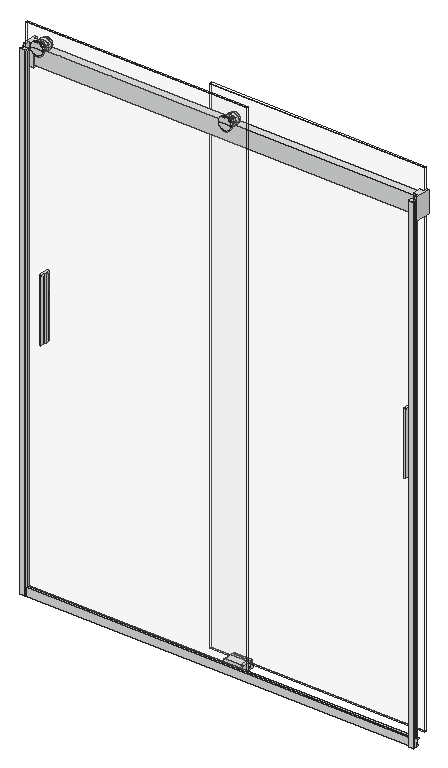
Revit family "Shower-Shower_Door-KOHLER-Levity-K-706012_1", category Specialty Equipment, host Face, Revit 2017
Family settings
  Host = Face
  Round Connector Dimension = Use Diameter
  Part Type = Normal
  OmniClass Number = 23.31.17.17
  OmniClass Title = Shower Enclosures
  Cut with Voids When Loaded = No
  Shared = No
  Room Calculation Point = No
Parameters (values of type "SHP-Bright Polished Silver")
  Width [instance] = 56 5/8"
  WaterSense Certified = 1 = 0  # no
  URL = "https://www.us.kohler.com/us/"
  Type = 1
  Product Page URL = "http://www.us.kohler.com/us/catalog/productDetails.jsp?productId=706012-L"
  Product Name = "Levity"  # constant formula
  Product Documentation Link = "https://www.us.kohler.com/webassets/kpna/catalog/pdf/en/K-706012-L_spec_US-CA_Kohler_en.pdf"
  Model = if(Type = 1, "K-706012-L-SHP", if(Type = 2, "K-706012-L-NX", if(Type = 3, "K-706012-L-ABV", if(Type = 4, "K-706012-L-ABZ", if(Type = 5, "K-706012-L-BL", "NA")))))  # "K-706012-L-SHP"
  Material = "Premium Metal Construction"  # constant formula
  Master Format 2014 Name = "Toilet, Bath, and Laundry Accessories"  # constant formula
  Master Format 2014 = "10 28 00"  # constant formula
  Manufacturer Address = "444 Highland Dr, Kohler, WI 53044"  # constant formula
  Manufacturer = "KOHLER Co."  # constant formula
  Length = 2 15/16"  # constant formula
  Height = 74"  # constant formula
  Glass Finish = Kohler-Glass-L-Crystal_Clear
  Finish = Kohler-Metal-SHP-Bright_Polished_Silver
  Environmental Product Declaration = ""
  Description = "Sliding shower door, 74 inch H x 56-5/8 - 59-5/8 inch W, with 3/8 inch thick Crystal Clear glass"  # constant formula
  Default Elevation = 0"
  Declare Label = ""
  Date Modified = "08/17/2020"  # constant formula
  Date Created = "08/17/2020"  # constant formula
  Copyright = "Copyright KOHLER Co."  # constant formula
  Contact Us = "https://www.us.kohler.com/us/static/contact.jsp"
  Assembly Code = "C1030200"
  ADA Compliant = 1 = 0  # no
Reference planes (in)
  plane 1 "Center (Front/Back)": y = 0
  plane 2: z = 0
  plane 3 "Center (Left/Right)": x = 0
  plane 4: x = -26.5625
  plane 5: x = 30.0625
  plane 6: z = 74
  plane 7: z = 1.044
  plane 8: x = -25.79269
  plane 9: x = 29.2948
  plane 10: x = -23.74258
  plane 11: x = 27.27105
  plane 12: y = 3.0625
  plane 13: z = 37.5
  plane 14: y = 3.3562
  plane 15: y = 2.8556
  plane 16: y = 2.4746
  plane 17: y = 1.04575
  plane 18: y = 0.66475
  plane 19: z = 67.919
  plane 20: z = 70.77666
  plane 21: z = 70.465
  plane 22: y = 2.9375
  plane 23: x = 5.5
Dimensions and locks (in)
  "Width": plane 5 to plane 4
  "Height": plane 6 to level
  locked: plane 9 to plane 5 at 0.7677
  locked: plane 11 to plane 5 at 2.79145
  locked: plane 15 to plane 16 at 0.381
  plane 19 to plane 7 = 66 7/8"
  plane 12 to plane 1 "Center (Front/Back)" = 3 1/16"
  "Length": plane 22 to plane 1 "Center (Front/Back)"
  locked: plane 14 to plane 1 "Center (Front/Back)" at 3.3562
  aligned and locked: plane 2 to host face
  aligned and locked: level to host face
Automatic sketch dimensions
  host sketch curve to host sketch curve = 96"  (x2)
Nested families (in)
  nested 1: "K-706012" at (-2.23544, 0, 0), Width <- "Width", type "K-706012"
    with Width 56 5/8"
Definition of nested family "K-706012"
  Parameters (values of type "K-706012")
    Width [instance] = 56 5/8"
    Material = none
    Glass Material = none
  Reference planes (in)
    plane 1 "Center (Front/Back)": y = 0
    plane 2: z = 0
    plane 3 "Center (Left/Right)": x = 0
    plane 4: z = 33
    plane 5: z = 42
    plane 6: x = -24.32706
    plane 7: x = 32.29794
    plane 8: z = 1.044
    plane 9: x = 2.23544
    plane 10: x = 30.64043
    plane 11: x = 7.73544
    plane 12: z = 74
    plane 13: z = 67.919
    plane 14: y = 3.3556
    plane 15: y = 2.9375
  Forms (in)
    Extrusion 1, solid, material <- "Glass Material"
      sketch origin (0, 0, 0) x (1, 0, 0) y (0, 1, 0)
        loop
          line (31.98, 2.8556) -> (0.97894, 2.8556) -> (0.97894, 2.4746) -> (31.98, 2.4746) -> (31.98, 2.8556)
        loop
          line (-24.007, 1.04575) -> (-24.007, 0.66475) -> (7.73544, 0.66475) -> (7.73544, 1.04575) -> (-24.007, 1.04575)
      from 0.74732 to 73.56432
    Extrusion 2, solid, material <- "Material", detail levels medium+fine
      sketch origin (0, 0, 0) x (1, 0, 0) y (0, 1, 0)
        loop
          line (-23.55724, 0.10857) -> (-23.55724, 0.53029)
          arc (-23.55724, 0.53029) -> (-23.58912, 0.60584) -> (-23.66547, 0.63572) r 0.10547
          line (-23.66547, 0.63572) -> (-24.32706, 0.6184) -> (-24.32706, 0.52355) -> (-24.126, 0.52355) -> (-24.126, 0.11355) -> (-24.32706, 0.11355) -> (-24.32706, 0.01871) -> (-23.66722, 0.00143)
          arc (-23.66722, 0.00143) -> (-23.58963, 0.0318) -> (-23.55724, 0.10857) r 0.10717
        loop
          arc (31.53024, 0.10788) -> (31.56263, 0.03111) -> (31.64022, 0.00074) r 0.10717
          line (31.64022, 0.00074) -> (32.29794, 0.01796) -> (32.29794, 0.11355) -> (32.099, 0.11355) -> (32.099, 0.52355) -> (32.29794, 0.52355) -> (32.29794, 0.61915) -> (31.63847, 0.63642)
          arc (31.63847, 0.63642) -> (31.56212, 0.60653) -> (31.53024, 0.53098) r 0.10547
          line (31.53024, 0.53098) -> (31.53024, 0.10788)
      from 0 to 70.323
    Extrusion 3, solid, material <- "Material", detail levels medium+fine
      sketch origin (0, 0, 0) x (0, 1, 0) y (0, 0, 1)
        loop
          line (0.16355, 1.044) -> (0.16355, 0) -> (0.78372, 0)
          arc (0.78372, 0) -> (0.79845, 0.0061) -> (0.80455, 0.02083) r 0.02083
          line (0.80455, 0.02083) -> (0.80455, 0.05813)
          arc (0.80455, 0.05813) -> (0.79873, 0.07218) -> (0.78468, 0.078) r 0.01987
          line (0.78468, 0.078) -> (0.47338, 0.078) -> (0.5153, 0.919) -> (0.85187, 0.919)
          arc (0.85187, 0.919) -> (0.87187, 0.93899) -> (0.85187, 0.95899) r 0.01999
          line (0.85187, 0.95899) -> (0.51729, 0.95899) -> (0.51912, 0.99563)
          arc (0.51912, 0.99563) -> (0.50648, 1.02968) -> (0.4731, 1.044) r 0.04608
          line (0.4731, 1.044) -> (0.16355, 1.044)
      from -24.007 to 32.29794
    Extrusion 4, solid, material <- "Material", detail levels medium+fine
      sketch origin (0, 0, 0) x (0, 1, 0) y (0, 0, 1)
        loop
          line (0.46949, 0) -> (3.10721, 0) -> (3.05135, 1.066) -> (2.87582, 1.066) -> (2.85966, 0.14) -> (2.42988, 0.14) -> (2.38135, 1.066) -> (1.40908, 1.066) -> (1.36055, 0.14) -> (0.93077, 0.14) -> (0.91768, 0.89) -> (0.51385, 0.89) -> (0.46949, 0)
      from 3.78322 to 6.74201
    Extrusion 5, void
      sketch origin (0, 0, 0) x (1, 0, 0) y (0, 0, 1)
        loop
          line (6.62394, 0) -> (6.60963, 0.82036)
          arc (6.60963, 0.82036) -> (6.53489, 0.99431) -> (6.35966, 1.066) r 0.25
          line (6.35966, 1.066) -> (4.13823, 1.066)
          arc (4.13823, 1.066) -> (3.963, 0.99431) -> (3.88826, 0.82036) r 0.25
          line (3.88826, 0.82036) -> (3.87394, 0) -> (6.62394, 0)
        loop
          line (6.89972, 1.37342) -> (3.64972, 1.37342) -> (3.64972, -0.23052) -> (6.89972, -0.23052) -> (6.89972, 1.37342)
      from -3.5793 to 0.7427
    Extrusion 6, solid, material <- "Material", detail levels medium+fine
      sketch origin (0, 0, 0) x (0, 1, 0) y (0, 0, 1)
        loop
          line (1.29143, 67.919) -> (2.22943, 67.919) -> (2.22943, 70.465) -> (1.29143, 70.465) -> (1.29143, 67.919)
      from -23.337 to 31.31
    Extrusion 7, solid, material <- "Material", detail levels medium+fine
      sketch origin (0, 0, 0) x (1, 0, 0) y (0, 1, 0)
        loop
          line (32.29794, 0.66591) -> (32.29794, 2.71495) -> (31.98, 2.7094) -> (31.98, 2.33897) -> (31.31, 2.32727) -> (31.31, 1.20359) -> (31.98, 1.19189) -> (31.98, 0.67146) -> (32.29794, 0.66591)
        loop
          line (-24.007, 2.71486) -> (-24.326, 2.72043) -> (-24.326, 0.67043) -> (-24.007, 0.676) -> (-24.007, 1.19643) -> (-23.337, 1.20812) -> (-23.337, 2.33273) -> (-24.007, 2.34443) -> (-24.007, 2.71486)
      from 67.63775 to 70.74625
    Extrusion 8, solid, material <- "Material"
      sketch origin (0, 0, 0) x (1, 0, 0) y (0, 1, 0)
        loop
          arc (29.69389, 2.4327) -> (29.6892, 2.44794) -> (29.6747, 2.4546) r 0.01952
          line (29.6747, 2.4546) -> (29.6747, 2.8756)
          arc (29.6747, 2.8756) -> (29.6892, 2.88213) -> (29.69391, 2.89731) r 0.01935
          line (29.69391, 2.89731) -> (29.63852, 3.34842)
          arc (29.63852, 3.34842) -> (29.62831, 3.36783) -> (29.6078, 3.3756) r 0.03095
          line (29.6078, 3.3756) -> (29.40427, 3.3756)
          arc (29.40427, 3.3756) -> (29.38457, 3.36813) -> (29.37477, 3.34949) r 0.02973
          line (29.37477, 3.34949) -> (29.31936, 2.89828)
          arc (29.31936, 2.89828) -> (29.32429, 2.88242) -> (29.33943, 2.8756) r 0.02022
          line (29.33943, 2.8756) -> (29.33943, 2.45448)
          arc (29.33943, 2.45448) -> (29.3243, 2.44917) -> (29.31911, 2.43401) r 0.01835
          line (29.31911, 2.43401) -> (29.37502, 1.97861)
          arc (29.37502, 1.97861) -> (29.38404, 1.96146) -> (29.40216, 1.9546) r 0.02734
          line (29.40216, 1.9546) -> (29.61099, 1.9546)
          arc (29.61099, 1.9546) -> (29.62911, 1.96146) -> (29.63813, 1.97861) r 0.02734
          line (29.63813, 1.97861) -> (29.69389, 2.4327)
        loop
          arc (-21.31969, 0.62285) -> (-21.32438, 0.63809) -> (-21.33888, 0.64475) r 0.01952
          line (-21.33888, 0.64475) -> (-21.33888, 1.06575)
          arc (-21.33888, 1.06575) -> (-21.32438, 1.07228) -> (-21.31967, 1.08746) r 0.01935
          line (-21.31967, 1.08746) -> (-21.37506, 1.53857)
          arc (-21.37506, 1.53857) -> (-21.38527, 1.55798) -> (-21.40578, 1.56575) r 0.03095
          line (-21.40578, 1.56575) -> (-21.60931, 1.56575)
          arc (-21.60931, 1.56575) -> (-21.62901, 1.55828) -> (-21.63881, 1.53964) r 0.02973
          line (-21.63881, 1.53964) -> (-21.69422, 1.08843)
          arc (-21.69422, 1.08843) -> (-21.68929, 1.07257) -> (-21.67415, 1.06575) r 0.02022
          line (-21.67415, 1.06575) -> (-21.67415, 0.64463)
          arc (-21.67415, 0.64463) -> (-21.68928, 0.63932) -> (-21.69447, 0.62416) r 0.01835
          line (-21.69447, 0.62416) -> (-21.63856, 0.16876)
          arc (-21.63856, 0.16876) -> (-21.62953, 0.15161) -> (-21.61142, 0.14475) r 0.02734
          line (-21.61142, 0.14475) -> (-21.40199, 0.14475)
          arc (-21.40199, 0.14475) -> (-21.38432, 0.15144) -> (-21.37552, 0.16817) r 0.02667
          line (-21.37552, 0.16817) -> (-21.31969, 0.62285)
      from 33 to 42
    Extrusion 9, solid, material <- "Material", detail levels coarse
      sketch origin (0, 0, 0) x (0, 1, 0) y (0, 0, 1)
        loop
          line (0.16355, 1.044) -> (0.16355, 0) -> (0.80455, 0) -> (0.80455, 1.044) -> (0.16355, 1.044)
      from -24.007 to 32.29794
    Extrusion 10, solid, material <- "Material", detail levels coarse
      sketch origin (0, 0, 0) x (1, 0, 0) y (0, 1, 0)
        loop
          line (-23.55724, 0) -> (-23.55724, 0.63572) -> (-24.32706, 0.63572) -> (-24.32706, 0) -> (-23.55724, 0)
        loop
          line (31.53024, 0.00074) -> (32.29794, 0.00074) -> (32.29794, 0.63642) -> (31.53024, 0.63642) -> (31.53024, 0.00074)
      from 0 to 70.465
    Extrusion 11, solid, material <- "Material", detail levels coarse
      sketch origin (0, 0, 0) x (0, 1, 0) y (0, 0, 1)
        loop
          line (1.29143, 67.919) -> (2.22943, 67.919) -> (2.22943, 70.465) -> (1.29143, 70.465) -> (1.29143, 67.919)
      from -24.32706 to 32.29794
    Extrusion 12, solid, material <- "Material", detail levels coarse
      sketch origin (0, 0, 0) x (1, 0, 0) y (0, 1, 0)
        loop
          line (32.29794, 0.66591) -> (32.29794, 2.71495) -> (31.31, 2.71495) -> (31.31, 0.66591) -> (32.29794, 0.66591)
        loop
          line (-23.337, 0.67043) -> (-23.337, 2.72043) -> (-24.326, 2.72043) -> (-24.326, 0.67043) -> (-23.337, 0.67043)
      from 67.63775 to 70.74625
    Revolve 13, solid, material <- "Material"
      sketch origin (0, 0, 70.95017) x (1, 0, 0) y (0, 1, 0)
        loop
          line (-21.797, 1.77965) -> (-21.282, 1.77965) -> (-21.28492, 2.03539)
          arc (-21.28492, 2.03539) -> (-21.30032, 2.07167) -> (-21.33677, 2.08665) r 0.05185
          line (-21.33677, 2.08665) -> (-22.007, 2.08665) -> (-22.007, 0.16475) -> (-21.10985, 0.16475) -> (-21.06969, 0.2049) -> (-21.06969, 0.33159) -> (-21.10985, 0.37175) -> (-21.35052, 0.37175) -> (-21.35052, 0.66475) -> (-21.46163, 0.66475) -> (-21.46163, 1.04575) -> (-21.29375, 1.04575) -> (-21.29375, 1.24575) -> (-21.46163, 1.24575) -> (-21.46163, 1.37143) -> (-21.26167, 1.37143)
          arc (-21.26167, 1.37143) -> (-21.19655, 1.55905) -> (-21.26167, 1.74667) r 0.30285
          line (-21.26167, 1.74667) -> (-21.797, 1.74667) -> (-21.797, 1.77965)
        axis (-22.007, 2.08665) -> (-22.007, 0.16475)
      angle from 0 to 360
    Revolve 14, solid, material <- "Material"
      sketch origin (6.50004, 0, 68.64385) x (1, 0, 0) y (0, 1, 0)
        loop
          line (-2.85881, 3.1486) -> (-2.62285, 3.1486) -> (-2.58265, 3.1888) -> (-2.58265, 3.3154) -> (-2.62285, 3.3556) -> (-3.52, 3.3556) -> (-3.52, 2.22943) -> (-2.9654, 2.22943) -> (-2.9654, 2.2746) -> (-2.80675, 2.2746) -> (-2.80675, 2.4746) -> (-2.85881, 2.4746) -> (-2.85881, 3.1486)
        axis (-3.52, 3.3556) -> (-3.52, 2.22943)
      angle from 0 to 360
    Revolve 15, solid, material <- "Material"
      sketch origin (27.00004, 0, 70.77666) x (1, 0, 0) y (0, 1, 0)
        loop
          line (-21.797, 1.77965) -> (-21.282, 1.77965) -> (-21.28492, 2.03539)
          arc (-21.28492, 2.03539) -> (-21.30032, 2.07167) -> (-21.33677, 2.08665) r 0.05185
          line (-21.33677, 2.08665) -> (-22.007, 2.08665) -> (-22.007, 0.16475) -> (-21.10985, 0.16475) -> (-21.06969, 0.2049) -> (-21.06969, 0.33159) -> (-21.10985, 0.37175) -> (-21.35052, 0.37175) -> (-21.35052, 0.66475) -> (-21.46163, 0.66475) -> (-21.46163, 1.04575) -> (-21.29375, 1.04575) -> (-21.29375, 1.24575) -> (-21.46163, 1.24575) -> (-21.46163, 1.37143) -> (-21.26167, 1.37143)
          arc (-21.26167, 1.37143) -> (-21.19655, 1.55905) -> (-21.26167, 1.74667) r 0.30285
          line (-21.26167, 1.74667) -> (-21.797, 1.74667) -> (-21.797, 1.77965)
        axis (-22.007, 2.08665) -> (-22.007, 0.16475)
      angle from 0 to 360
    Revolve 16, solid, material <- "Material"
      sketch origin (21.47266, 0, 68.64453) x (1, 0, 0) y (0, 1, 0)
        loop
          line (9.16777, 3.1486) -> (9.42311, 3.1486) -> (9.44393, 3.17833) -> (9.44393, 3.32967) -> (9.418, 3.3556) -> (8.50658, 3.3556) -> (8.50658, 2.22943) -> (9.21983, 2.22943) -> (9.21983, 2.4746) -> (9.16777, 2.4746) -> (9.16777, 3.1486)
        axis (8.50658, 3.3556) -> (8.50658, 2.22943)
      angle from 0 to 360
  Cuts and joins
    joined: Extrusion 2, Extrusion 6, Extrusion 7
    Extrusion 5 cuts Extrusion 4
    joined: Extrusion 3, Extrusion 4
    joined: Extrusion 9, Extrusion 10, Extrusion 11, Extrusion 12
  Lines and regions (in)
    Masking region 1
      outline origin (0, 0, 0) x (1, 0, 0) y (0, 0, 1)
        loop
          line (-24.32706, 0) -> (32.29794, 0) -> (32.29794, 70.465) -> (31.98, 70.465) -> (31.98, 74) -> (-24.007, 74) -> (-24.007, 70.465) -> (-24.32706, 70.465) -> (-24.32706, 0)
    Masking region 2
      outline origin (0, 0, 0) x (0, 1, 0) y (0, 0, 1)
        loop
          line (3.10721, 0) -> (3.05135, 1.066) -> (2.87582, 1.066) -> (2.85966, 0.14) -> (2.42988, 0.14) -> (2.38135, 1.066) -> (1.40908, 1.066) -> (1.36055, 0.14) -> (0.93077, 0.14) -> (0.92017, 0.74732) -> (1.04575, 0.74732) -> (1.04575, 33) -> (1.56575, 33) -> (1.56575, 42) -> (1.04575, 42) -> (1.04575, 67.63775) -> (2.4746, 67.63775) -> (2.4746, 42) -> (1.9546, 42) -> (1.9546, 33) -> (2.4746, 33) -> (2.4746, 0.74732) -> (2.8556, 0.74732) -> (2.8556, 33) -> (3.3756, 33) -> (3.3756, 42) -> (2.8556, 42) -> (2.8556, 67.97943) -> (3.1486, 67.97943) -> (3.1486, 67.74348) -> (3.1888, 67.70327) -> (3.3154, 67.70327) -> (3.3556, 67.74348) -> (3.3556, 69.53777) -> (3.3154, 69.57798) -> (3.1888, 69.57798) -> (3.1486, 69.53777) -> (3.1486, 69.30182) -> (2.8556, 69.30182) -> (2.8556, 74) -> (2.4746, 74) -> (2.4746, 70.74625) -> (2.08659, 70.74625) -> (2.08659, 71.61533)
          arc (2.08659, 71.61533) -> (2.07161, 71.65178) -> (2.03533, 71.66718) r 0.05185
          line (2.03533, 71.66718) -> (1.77959, 71.6701) -> (1.77959, 71.1551) -> (1.74661, 71.1551) -> (1.74661, 71.69043)
          arc (1.74661, 71.69043) -> (1.55899, 71.75555) -> (1.37137, 71.69043) r 0.30285
          line (1.37137, 71.69043) -> (1.37137, 71.49047) -> (1.24569, 71.49047) -> (1.24569, 71.65836) -> (1.04575, 71.65836) -> (1.04575, 74) -> (0.66475, 74) -> (0.66475, 71.60158) -> (0.37169, 71.60158) -> (0.37169, 71.84225) -> (0.33153, 71.88241) -> (0.20484, 71.88241) -> (0.16469, 71.84225) -> (0.16469, 70.323) -> (0, 70.323) -> (0, 0) -> (3.10721, 0)
        loop
          line (0.66475, 70.1325) -> (0.63645, 70.11617) -> (0.63645, 0.97841) -> (0.66475, 0.96522) -> (0.66475, 70.1325)
    Masking region 3
      outline origin (0, 0, 0) x (1, 0, 0) y (0, 1, 0)
        loop
          line (-24.32706, 0.01871) -> (-23.66722, 0.00143)
          arc (-23.66722, 0.00143) -> (-23.58963, 0.0318) -> (-23.55724, 0.10857) r 0.10717
          line (-23.55724, 0.10857) -> (-23.55724, 0.16355) -> (31.53024, 0.16355) -> (31.53024, 0.10788)
          arc (31.53024, 0.10788) -> (31.56263, 0.03111) -> (31.64022, 0.00074) r 0.10717
          line (31.64022, 0.00074) -> (32.29794, 0.01796) -> (32.29794, 0.11355) -> (32.099, 0.11355) -> (32.099, 0.16355) -> (32.29794, 0.16355) -> (32.29794, 2.71495) -> (31.98, 2.7094) -> (31.98, 2.8556) -> (30.66864, 2.8556) -> (30.66864, 3.1486) -> (30.92311, 3.1486) -> (30.94393, 3.17833) -> (30.94393, 3.32967) -> (30.918, 3.3556) -> (29.09516, 3.3556) -> (29.06923, 3.32967) -> (29.06923, 3.17833) -> (29.09005, 3.1486) -> (29.34511, 3.1486) -> (29.34511, 2.8556) -> (6.625, 2.8556) -> (6.625, 3.10721) -> (3.875, 3.10721) -> (3.875, 2.8556) -> (3.64119, 2.8556) -> (3.64119, 3.1486) -> (3.87715, 3.1486) -> (3.91735, 3.1888) -> (3.91735, 3.3154) -> (3.87715, 3.3556) -> (2.08285, 3.3556) -> (2.04265, 3.3154) -> (2.04265, 3.1888) -> (2.08285, 3.1486) -> (2.31881, 3.1486) -> (2.31881, 2.8556) -> (0.98, 2.8556) -> (0.98, 2.4746) -> (2.26675, 2.4746) -> (2.26675, 2.2746) -> (2.42977, 2.2746) -> (2.42977, 2.22943) -> (-23.337, 2.22943) -> (-23.337, 2.33273) -> (-24.007, 2.34443) -> (-24.007, 2.71486) -> (-24.32706, 2.72045) -> (-24.32706, 0.67041) -> (-24.007, 0.676) -> (-24.007, 0.62678) -> (-24.32706, 0.6184) -> (-24.32706, 0.52355) -> (-24.126, 0.52355) -> (-24.126, 0.11355) -> (-24.32706, 0.11355) -> (-24.32706, 0.01871)
        loop
          line (-24.007, 1.19643) -> (-24.007, 1.04575) -> (-22.72025, 1.04575) -> (-22.72025, 1.24575) -> (-22.55257, 1.24575) -> (-22.55257, 1.29143) -> (-23.337, 1.29143) -> (-23.337, 1.20812) -> (-24.007, 1.19643)
        loop
          line (31.31, 2.22943) -> (31.31, 2.32727) -> (31.98, 2.33897) -> (31.98, 2.4746) -> (30.71983, 2.4746) -> (30.71983, 2.22943) -> (31.31, 2.22943)
        loop
          line (7.73544, 1.04575) -> (7.73544, 0.87188) -> (31.98, 0.87188) -> (31.98, 1.19189) -> (31.31, 1.20359) -> (31.31, 1.29143) -> (6.6215, 1.29143) -> (6.6215, 1.04575) -> (7.73544, 1.04575)
        loop
          line (-21.34471, 1.29143) -> (-21.3391, 1.24575) -> (-21.29375, 1.24575) -> (-21.29375, 1.04575) -> (3.875, 1.04575) -> (3.875, 1.29143) -> (-21.34471, 1.29143)
        loop
          line (29.30265, 2.22943) -> (29.30265, 2.4746) -> (6.625, 2.4746) -> (6.625, 2.22943) -> (29.30265, 2.22943)
        loop
          line (3.69325, 2.2746) -> (3.53388, 2.2746) -> (3.53388, 2.22943) -> (3.875, 2.22943) -> (3.875, 2.4746) -> (3.69325, 2.4746) -> (3.69325, 2.2746)
    symbolic lines, detail levels medium+fine
      curve 1: line (-23.55724, 0, 0) -> (-23.55724, 0, 70.465)
      curve 2: line (-23.55724, 0, 70.465) -> (-24.007, 0, 70.465)
      curve 3: line (31.53024, 0, 1.044) -> (-23.55724, 0, 1.044)
      curve 4: line (31.53024, 0, 67.63775) -> (31.53024, 0, 0)
      curve 5: line (7.73544, 0, 1.044) -> (7.73544, 0, 74)
      curve 6: line (0, 0.52355, 70.323) -> (0, 0.52355, 0)
      curve 7: line (0, 0.11355, 0) -> (0, 0.11355, 70.323)
      curve 8: line (0, 0.78468, 0.078) -> (0, 0.52355, 0.078)
      curve 9: line (0, 0.80455, 0.02083) -> (0, 0.80455, 0.05813)
      curve 10: arc (0, 0.80455, 0.05813) -> (0, 0.79873, 0.07218) -> (0, 0.78468, 0.078) r 0.01987
      curve 11: arc (0, 0.78372, 0) -> (0, 0.79845, 0.0061) -> (0, 0.80455, 0.02083) r 0.02083
      curve 12: line (0, 0.85187, 0.95899) -> (0, 0.52355, 0.95899)
      curve 13: arc (0, 0.85187, 0.919) -> (0, 0.87187, 0.93899) -> (0, 0.85187, 0.95899) r 0.01999
      curve 14: line (0, 0.52355, 0.919) -> (0, 0.85187, 0.919)
      curve 15: line (0, 0.66475, 0.74732) -> (0, 0.92017, 0.74732)
      curve 16: line (0, 0.66475, 0.9756) -> (0, 0.66475, 0.95899)
      curve 17: line (0, 0.66475, 0.919) -> (0, 0.66475, 0.74732)
      curve 18: line (0, 0.63645, 0.97841) -> (0, 0.63645, 0.95899)
      curve 19: line (0, 0.63645, 0.919) -> (0, 0.63645, 0.078)
      curve 20: line (0, 2.8556, 33) -> (0, 2.8556, 42)
      curve 21: line (0, 2.8756, 33) -> (0, 2.8756, 42)
      curve 22: line (0, 2.4746, 42) -> (0, 2.4746, 33)
      curve 23: line (0, 2.4546, 42) -> (0, 2.4546, 33)
      curve 24: line (0, 1.04575, 33) -> (0, 1.04575, 67.63775)
      curve 25: line (0, 0.66475, 70.74625) -> (0, 0.66475, 33)
      curve 26: line (0, 1.06575, 33) -> (0, 1.06575, 42)
      curve 27: line (0, 0.63645, 70.323) -> (0, 0.16469, 70.323)
      curve 28: line (0, 2.72043, 70.74625) -> (0, 0.66475, 70.74625)
      curve 29: line (0, 2.72043, 67.63775) -> (0, 2.72043, 70.74625)
      curve 30: line (0, 0.66475, 67.63775) -> (0, 2.72043, 67.63775)
      curve 31: line (0, 1.77965, 71.17875) -> (0, 1.77965, 70.74625)
      curve 32: line (0, 1.74661, 71.17854) -> (0, 1.74661, 70.74625)
      curve 33: line (0, 1.37137, 71.51391) -> (0, 1.37137, 70.74625)
      curve 34: line (0, 1.24575, 71.51412) -> (0, 1.24575, 70.74625)
      curve 35: line (0, 0.37175, 71.62523) -> (0, 0.37175, 70.323)
      curve 36: line (0, 0.63645, 70.11617) -> (0, 0.63645, 70.323)
      curve 37: line (0, 0.33153, 71.88241) -> (0, 0.33153, 70.323)
      curve 38: line (0, 0.20484, 71.88241) -> (0, 0.20484, 70.323)
      curve 39: line (0, 2.8556, 69.32526) -> (0, 2.8556, 67.97943)
      curve 40: line (0, 3.1486, 67.97943) -> (0, 3.1486, 69.32526)
      curve 41: line (0, 3.3154, 69.57798) -> (0, 3.3154, 67.70327)
      curve 42: line (0, 3.1888, 67.70327) -> (0, 3.1888, 69.57798)
      curve 43: line (-23.337, 2.22943, 0) -> (-23.337, 1.29143, 0)
      curve 44: line (-23.66547, 0.63572, 0) -> (-24.007, 0.62678, 0)
      curve 45: arc (-23.55724, 0.53029, 0) -> (-23.58912, 0.60584, 0) -> (-23.66547, 0.63572, 0) r 0.10547
      curve 46: line (-23.55724, 0.16355, 0) -> (-23.55724, 0.53029, 0)
      curve 47: line (-23.55724, 0.51729, 0) -> (-22.66348, 0.51729, 0)
      curve 48: line (-24.007, 0.66475, 0) -> (7.73544, 0.66475, 0)
      curve 49: line (6.6215, 1.04575, 0) -> (-24.007, 1.04575, 0)
      curve 50: line (-21.33589, 2.08665, 0) -> (-22.67936, 2.08665, 0)
      curve 51: line (-21.282, 1.77965, 0) -> (-22.732, 1.77965, 0)
      curve 52: line (-21.26167, 1.74667, 0) -> (-22.75233, 1.74667, 0)
      curve 53: line (-21.26167, 1.37143, 0) -> (-22.75233, 1.37143, 0)
      curve 54: line (-21.29375, 1.24575, 0) -> (-22.72025, 1.24575, 0)
      curve 55: line (-21.10985, 0.37175, 0) -> (-22.90415, 0.37175, 0)
      curve 56: line (-22.94431, 0.33159, 0) -> (-21.06969, 0.33159, 0)
      curve 57: line (-22.94431, 0.2049, 0) -> (-21.06969, 0.2049, 0)
      curve 58: line (-22.94431, 0.2049, 0) -> (-22.90415, 0.16475, 0)
      curve 59: line (-22.94431, 0.2049, 0) -> (-22.94431, 0.33159, 0)
      curve 60: line (-21.06969, 0.2049, 0) -> (-21.10985, 0.16475, 0)
      curve 61: line (-21.06969, 0.2049, 0) -> (-21.06969, 0.33159, 0)
      curve 62: line (-21.10985, 0.37175, 0) -> (-21.06969, 0.33159, 0)
      curve 63: line (-22.66348, 0.66475, 0) -> (-22.66348, 0.37175, 0)
      curve 64: line (-21.35052, 0.66475, 0) -> (-21.35052, 0.37175, 0)
      curve 65: line (-22.217, 1.77965, 0) -> (-22.217, 1.74667, 0)
      curve 66: line (-21.797, 1.77965, 0) -> (-21.797, 1.74667, 0)
      curve 67: line (-22.732, 1.77965, 0) -> (-22.73024, 2.03612, 0)
      curve 68: arc (-22.67936, 2.08665, 0) -> (-22.71522, 2.07187, 0) -> (-22.73024, 2.03612, 0) r 0.05088
      curve 69: line (-21.282, 1.77965, 0) -> (-21.28673, 2.03839, 0)
      curve 70: arc (-21.28673, 2.03839, 0) -> (-21.30144, 2.07257, 0) -> (-21.33589, 2.08665, 0) r 0.04916
      curve 71: arc (-22.75233, 1.74667, 0) -> (-22.81726, 1.55905, 0) -> (-22.75233, 1.37143, 0) r 0.30353
      curve 72: arc (-21.26167, 1.37143, 0) -> (-21.19936, 1.55905, 0) -> (-21.26167, 1.74667, 0) r 0.31362
      curve 73: line (-22.55237, 1.37143, 0) -> (-22.55237, 1.24575, 0)
      curve 74: line (-21.46163, 1.37143, 0) -> (-21.46163, 1.24575, 0)
      curve 75: line (-24.007, 0.676, 0) -> (-24.007, 1.04575, 0)
      curve 76: line (-21.35052, 0.51729, 0) -> (4.33656, 0.51729, 0)
      curve 77: line (-21.34471, 1.29143, 0) -> (-21.46163, 1.29143, 0)
      curve 78: line (-22.94431, 0.33159, 0) -> (-22.90415, 0.37175, 0)
      curve 79: line (5.64952, 0.51729, 0) -> (31.53024, 0.51729, 0)
      curve 80: line (7.73544, 0.66475, 0) -> (7.73544, 0.87188, 0)
      curve 81: line (29.06923, 3.32967, 0) -> (30.94393, 3.32967, 0)
      curve 82: line (29.06923, 3.17833, 0) -> (30.94393, 3.17833, 0)
      curve 83: line (30.92311, 3.1486, 0) -> (29.09005, 3.1486, 0)
      curve 84: line (30.66864, 2.8556, 0) -> (29.34511, 2.8556, 0)
      curve 85: line (29.30265, 2.4746, 0) -> (30.71983, 2.4746, 0)
      curve 86: line (30.71983, 2.22943, 0) -> (29.30265, 2.22943, 0)
      curve 87: line (31.98, 2.4746, 0) -> (31.98, 2.8556, 0)
      curve 88: line (31.31, 2.32727, 0) -> (31.31, 1.20359, 0)
      curve 89: line (31.98, 0.67146, 0) -> (32.29794, 0.66591, 0)
      curve 90: line (32.29794, 0.61915, 0) -> (31.63847, 0.63642, 0)
      curve 91: arc (31.63847, 0.63642, 0) -> (31.56212, 0.60653, 0) -> (31.53024, 0.53098, 0) r 0.10547
      curve 92: line (31.53024, 0.53098, 0) -> (31.53024, 0.10788, 0)
      curve 93: line (31.98, 1.19189, 0) -> (31.98, 0.67146, 0)
      curve 94: line (32.099, 0.11355, 0) -> (32.099, 0.52355, 0)
      curve 95: line (32.099, 0.52355, 0) -> (32.29794, 0.52355, 0)
      curve 96: line (-21.67415, 0, 42) -> (-21.67415, 0, 33)
      curve 97: line (-21.33888, 0, 33) -> (-21.33888, 0, 42)
      curve 98: line (-21.31967, 0, 42) -> (-21.67415, 0, 42)
      curve 99: line (-21.31967, 0, 42) -> (-21.31967, 0, 33)
      curve 100: line (-21.69461, 0, 42) -> (-21.69461, 0, 33)
      curve 101: line (-21.69461, 0, 33) -> (-21.31967, 0, 33)
      curve 102: line (29.31911, 0, 42) -> (29.69389, 0, 42)
      curve 103: line (29.33943, 0, 42) -> (29.33943, 0, 33)
      curve 104: line (29.6747, 0, 33) -> (29.6747, 0, 42)
      curve 105: line (29.31911, 0, 42) -> (29.31911, 0, 33)
      curve 106: line (29.69389, 0, 33) -> (29.69389, 0, 42)
      curve 107: line (29.69389, 0, 33) -> (29.31911, 0, 33)
      curve 108: circle (-22.007, 0, 70.95017) r 0.93731 normal (0, -1, 0)
      curve 109: circle (4.99304, 0, 70.77666) r 0.9375 normal (0, -1, 0)
      curve 110: line (7.73544, 0, 67.919) -> (31.31, 0, 67.919)
      curve 111: line (31.31, 0, 70.465) -> (7.73544, 0, 70.465)
      curve 112: line (31.31, 0, 70.74625) -> (31.31, 0, 67.63775)
      curve 113: line (31.31, 0, 70.74625) -> (31.98, 0, 70.74625)
      curve 114: line (31.53024, 0, 67.63775) -> (31.31, 0, 67.63775)
      curve 115: line (0, 1.04575, 71.66342) -> (0, 1.04575, 70.74625)
      curve 116: line (0, 0.66475, 71.60665) -> (0, 0.66475, 70.74625)
      curve 117: line (2.31881, 2.8556, 0) -> (3.64119, 2.8556, 0)
      curve 118: line (2.42977, 2.22943, 0) -> (3.53388, 2.22943, 0)
      curve 119: line (2.26675, 2.4746, 0) -> (3.69325, 2.4746, 0)
      curve 120: line (2.42977, 2.2746, 0) -> (3.5346, 2.2746, 0)
      curve 121: line (2.04265, 3.3154, 0) -> (3.91735, 3.3154, 0)
      curve 122: line (2.04265, 3.1888, 0) -> (3.91735, 3.1888, 0)
      curve 123: line (2.31881, 3.1486, 0) -> (3.64119, 3.1486, 0)
      curve 124: line (3.875, 2.22943, 0) -> (6.625, 2.22943, 0)
      curve 125: line (3.875, 2.8556, 0) -> (6.625, 2.8556, 0)
      curve 126: line (3.875, 2.4746, 0) -> (6.625, 2.4746, 0)
      curve 127: spline (3.88934, 3.06422, 0) -> (3.89197, 3.06253, 0) -> (3.89875, 3.06088, 0) -> (3.90956, 3.05928, 0) -> (3.92422, 3.05777, 0) -> (3.94249, 3.05637, 0) -> (3.96405, 3.05511, 0) -> (3.98856, 3.054, 0) -> (4.01559, 3.05307, 0) -> (4.0447, 3.05232, 0) -> (4.07539, 3.05178, 0) -> (4.10716, 3.05146, 0) -> (4.13947, 3.05135, 0)
      curve 128: line (3.875, 3.10721, 0) -> (3.88932, 3.06422, 0)
      curve 129: line (4.13947, 3.05135, 0) -> (6.36288, 3.05135, 0)
      curve 130: line (6.61068, 3.06422, 0) -> (6.625, 3.10721, 0)
      curve 131: spline (6.36288, 3.05135, 0) -> (6.39497, 3.05147, 0) -> (6.42649, 3.05181, 0) -> (6.45693, 3.05236, 0) -> (6.48576, 3.05311, 0) -> (6.51253, 3.05404, 0) -> (6.53678, 3.05515, 0) -> (6.55811, 3.05641, 0) -> (6.57618, 3.0578, 0) -> (6.59067, 3.05931, 0) -> (6.60136, 3.0609, 0) -> (6.60806, 3.06254, 0) -> (6.61066, 3.06422, 0)
      curve 132: line (3.87744, 2.42988, 0) -> (3.88932, 2.39422, 0)
      curve 133: spline (3.88934, 2.39422, 0) -> (3.89197, 2.39253, 0) -> (3.89875, 2.39088, 0) -> (3.90956, 2.38928, 0) -> (3.92422, 2.38777, 0) -> (3.94249, 2.38637, 0) -> (3.96405, 2.38511, 0) -> (3.98856, 2.384, 0) -> (4.01559, 2.38307, 0) -> (4.0447, 2.38232, 0) -> (4.07539, 2.38178, 0) -> (4.10716, 2.38146, 0) -> (4.13947, 2.38135, 0)
      curve 134: line (4.13947, 2.38135, 0) -> (6.36288, 2.38135, 0)
      curve 135: spline (6.36288, 2.38135, 0) -> (6.39497, 2.38147, 0) -> (6.42649, 2.38181, 0) -> (6.45693, 2.38236, 0) -> (6.48576, 2.38311, 0) -> (6.51253, 2.38404, 0) -> (6.53678, 2.38515, 0) -> (6.55811, 2.38641, 0) -> (6.57618, 2.3878, 0) -> (6.59067, 2.38931, 0) -> (6.60136, 2.3909, 0) -> (6.60806, 2.39254, 0) -> (6.61066, 2.39422, 0)
      curve 136: line (6.61068, 2.39422, 0) -> (6.62256, 2.42988, 0)
      curve 137: line (3.87744, 2.42988, 0) -> (6.62256, 2.42988, 0)
      curve 138: line (5.66415, 2.08665, 0) -> (4.32068, 2.08665, 0)
      curve 139: line (5.71804, 1.77965, 0) -> (4.26804, 1.77965, 0)
      curve 140: line (5.73837, 1.74667, 0) -> (4.24771, 1.74667, 0)
      curve 141: line (5.73837, 1.37143, 0) -> (4.24771, 1.37143, 0)
      curve 142: line (5.7063, 1.24575, 0) -> (4.27979, 1.24575, 0)
      curve 143: line (5.89019, 0.37175, 0) -> (4.09589, 0.37175, 0)
      curve 144: line (4.05573, 0.33159, 0) -> (5.93035, 0.33159, 0)
      curve 145: line (4.05573, 0.2049, 0) -> (5.93035, 0.2049, 0)
      curve 146: line (4.05573, 0.2049, 0) -> (4.09589, 0.16475, 0)
      curve 147: line (4.05573, 0.2049, 0) -> (4.05573, 0.33159, 0)
      curve 148: line (5.93035, 0.2049, 0) -> (5.89019, 0.16475, 0)
      curve 149: line (5.93035, 0.2049, 0) -> (5.93035, 0.33159, 0)
      curve 150: line (5.89019, 0.37175, 0) -> (5.93035, 0.33159, 0)
      curve 151: line (4.33656, 0.66475, 0) -> (4.33656, 0.37175, 0)
      curve 152: line (5.64952, 0.66475, 0) -> (5.64952, 0.37175, 0)
      curve 153: line (4.78304, 1.77965, 0) -> (4.78304, 1.74667, 0)
      curve 154: line (5.20304, 1.77965, 0) -> (5.20304, 1.74667, 0)
      curve 155: line (4.26804, 1.77965, 0) -> (4.2698, 2.03612, 0)
      curve 156: arc (4.32068, 2.08665, 0) -> (4.28483, 2.07187, 0) -> (4.2698, 2.03612, 0) r 0.05088
      curve 157: line (5.71804, 1.77965, 0) -> (5.71331, 2.03839, 0)
      curve 158: arc (5.71331, 2.03839, 0) -> (5.6986, 2.07257, 0) -> (5.66415, 2.08665, 0) r 0.04916
      curve 159: arc (4.24771, 1.74667, 0) -> (4.18278, 1.55905, 0) -> (4.24771, 1.37143, 0) r 0.30353
      curve 160: arc (5.73837, 1.37143, 0) -> (5.80068, 1.55905, 0) -> (5.73837, 1.74667, 0) r 0.31362
      curve 161: line (4.44767, 1.37143, 0) -> (4.44767, 1.24575, 0)
      curve 162: line (5.53841, 1.37143, 0) -> (5.53841, 1.24575, 0)
      curve 163: line (6.6215, 1.29143, 0) -> (5.53841, 1.29143, 0)
      curve 164: line (4.05573, 0.33159, 0) -> (4.09589, 0.37175, 0)
      curve 165: line (4.27979, 1.24575, 0) -> (4.27979, 1.04575, 0)
      curve 166: line (5.7063, 1.24575, 0) -> (5.7063, 1.04575, 0)
      curve 167: line (3.875, 1.29143, 0) -> (4.44767, 1.29143, 0)
  Dimensions and locks (in)
    plane 6 to plane 7 = 56 5/8"
    locked: Extrusion 1 sketch curve to plane 7 at 0.31794
    Extrusion 7 sketch curve to Extrusion 7 sketch curve to plane 7 = 0.67" locked, 0.31794" locked
    Extrusion 2 sketch curve to Extrusion 2 sketch curve to plane 7 = 0.56876" locked, 0.19894" locked
    "Width": plane 6 to plane 7
    locked: Extrusion 10 sketch curve to plane 7 at 0.7677
    locked: Extrusion 12 sketch curve to plane 7 at 0.98794
    locked: Revolve 16 sketch curve to Revolve 16 sketch curve at 0.2241
    locked: plane 6 to plane 11 at 32.0625
    plane 12 to level = 74"
    plane 13 to plane 8 = 66 7/8"
    locked: plane 10 to plane 7 at 1.65752
    plane 1 "Center (Front/Back)" to plane 15 = 2 15/16"
    aligned and locked: plane 2 to level
    aligned and locked: Extrusion 7 sketch curve to plane 7
    aligned and locked: Extrusion 7 sketch curve to Extrusion 7 sketch curve
    aligned and locked: Extrusion 6 to Extrusion 7
    aligned and locked: Extrusion 2 sketch curve to plane 7  (x2)
    aligned and locked: Extrusion 3 to plane 7
    aligned and locked: Masking region 1 sketch curve to plane 7
    aligned and locked: Extrusion 3 to curve 3
    aligned and locked: cut or joined group of Extrusion 2, Extrusion 6, Extrusion 7 to curve 4
    aligned and locked: Masking region 3 sketch curve to cut or joined group of Extrusion 2, Extrusion 6, Extrusion 7  (x10)
    aligned and locked: Masking region 3 sketch curve to Extrusion 1  (x2)
    aligned and locked: Extrusion 3 to Masking region 3 sketch curve
    aligned and locked: Extrusion 1 to Masking region 3 sketch curve  (x2)
    aligned and locked: Extrusion 1 to curve 84
    aligned and locked: Extrusion 1 to curve 85
    aligned and locked: curve 87 to Extrusion 1
    aligned and locked: curve 88 to cut or joined group of Extrusion 2, Extrusion 6, Extrusion 7
    aligned and locked: curve 89 to cut or joined group of Extrusion 2, Extrusion 6, Extrusion 7
    aligned and locked: curve 90 to cut or joined group of Extrusion 2, Extrusion 6, Extrusion 7
    aligned and locked: curve 91 to cut or joined group of Extrusion 2, Extrusion 6, Extrusion 7
    aligned and locked: curve 93 to cut or joined group of Extrusion 2, Extrusion 6, Extrusion 7
    aligned and locked: curve 94 to cut or joined group of Extrusion 2, Extrusion 6, Extrusion 7
    aligned and locked: curve 95 to cut or joined group of Extrusion 2, Extrusion 6, Extrusion 7
    aligned and locked: Extrusion 9 to plane 7
    aligned and locked: Extrusion 10 sketch curve to plane 7
    aligned and locked: Extrusion 11 to plane 7
    aligned and locked: Extrusion 12 sketch curve to plane 7
    aligned and locked: Revolve 16 sketch curve to Revolve 16 sketch curve
    aligned and locked: Revolve 16 sketch curve to plane 10
    aligned and locked: cut or joined group of Extrusion 9, Extrusion 10, Extrusion 11, Extrusion 12 to curve 110
    aligned and locked: curve 111 to cut or joined group of Extrusion 9, Extrusion 10, Extrusion 11, Extrusion 12
    aligned and locked: curve 112 to cut or joined group of Extrusion 9, Extrusion 10, Extrusion 11, Extrusion 12
    aligned and locked: curve 113 to cut or joined group of Extrusion 9, Extrusion 10, Extrusion 11, Extrusion 12
    aligned and locked: curve 114 to cut or joined group of Extrusion 9, Extrusion 10, Extrusion 11, Extrusion 12
  Automatic sketch dimensions
    Extrusion 1 sketch curve to plane 1 "Center (Front/Back)" = 1.04575"
    plane 9 to Extrusion 1 sketch curve = 5 1/2"
    plane 3 "Center (Left/Right)" to Extrusion 1 sketch curve = 0.97894"
    Extrusion 1 sketch curve to plane 6 = 0.32006"
    Extrusion 1 sketch curve to Extrusion 1 sketch curve = 0.381"  (x2)
    Extrusion 1 sketch curve to plane 1 "Center (Front/Back)" = 2.4746"
    Extrusion 3 sketch curve to level = 0"
    Extrusion 3 sketch curve to plane 8 = 0"
    Extrusion 3 sketch curve to plane 1 "Center (Front/Back)" = 0.16355"
    Extrusion 3 sketch curve to Extrusion 3 sketch curve = 0.30954"
    level to Extrusion 3 sketch curve = 0.078"
    Extrusion 3 sketch curve to Extrusion 3 sketch curve = 0.30982"
    Extrusion 3 sketch curve to plane 8 = 1/8"
    Extrusion 3 sketch curve to Extrusion 3 sketch curve = 0.0422"
    Extrusion 3 sketch curve to Extrusion 3 sketch curve = 0.00199"
    Extrusion 3 sketch curve to plane 8 = 0.04837"
    Extrusion 3 sketch curve to Extrusion 3 sketch curve = 0.00183"
    level to Extrusion 3 sketch curve = 0.02083"
    Extrusion 3 sketch curve to Extrusion 3 sketch curve = 0.31035"
    Extrusion 3 sketch curve to Extrusion 3 sketch curve = 0.01987"
    Extrusion 3 sketch curve to plane 8 = 0.08501"
    Extrusion 3 sketch curve to Extrusion 3 sketch curve = 0.33458"
    Extrusion 4 sketch curve to level = 0"
    Extrusion 4 sketch curve to plane 1 "Center (Front/Back)" = 0.46949"
    Extrusion 4 sketch curve to plane 8 = 0.154"
    Extrusion 4 sketch curve to plane 1 "Center (Front/Back)" = 0.51385"
    Extrusion 4 sketch curve to Extrusion 4 sketch curve = 0.40383"
    level to Extrusion 4 sketch curve = 0.14"  (x2)
    Extrusion 4 sketch curve to Extrusion 4 sketch curve = 0.46128"
    Extrusion 4 sketch curve to Extrusion 4 sketch curve = 0.42978"  (x2)
    plane 8 to Extrusion 4 sketch curve = 0.022"  (x2)
    Extrusion 4 sketch curve to Extrusion 4 sketch curve = 0.4914"
    Extrusion 4 sketch curve to Extrusion 4 sketch curve = 0.97227"
    Extrusion 4 sketch curve to Extrusion 4 sketch curve = 0.04853"
    Extrusion 4 sketch curve to Extrusion 4 sketch curve = 0.49447"
    Extrusion 4 sketch curve to Extrusion 4 sketch curve = 0.17553"
    Extrusion 4 sketch curve to Extrusion 4 sketch curve = 0.24756"
    Extrusion 5 sketch curve to level = 0"
    Extrusion 5 sketch curve to level = 0.23052"
    plane 9 to Extrusion 5 sketch curve = 1.41428"
    Extrusion 5 sketch curve to Extrusion 5 sketch curve = 0.22422"
    Extrusion 5 sketch curve to plane 8 = 0.22364"  (x2)
    Extrusion 5 sketch curve to Extrusion 5 sketch curve = 0.23854"
    plane 8 to Extrusion 5 sketch curve = 0.022"
    Extrusion 5 sketch curve to Extrusion 5 sketch curve = 0.24996"
    Extrusion 5 sketch curve to plane 8 = 0.228"
    Extrusion 5 sketch curve to Extrusion 5 sketch curve = 2.22144"
    Extrusion 5 sketch curve to Extrusion 5 sketch curve = 0.01432"
    Extrusion 5 sketch curve to Extrusion 5 sketch curve = 0.27578"
    plane 8 to Extrusion 5 sketch curve = 0.32942"
    Extrusion 7 sketch curve to plane 6 = 0.99006"
    Extrusion 7 sketch curve to plane 6 = 0.32006"  (x2)
    Extrusion 7 sketch curve to plane 6 = 0.00106"
    Extrusion 7 sketch curve to plane 1 "Center (Front/Back)" = 0.66591"
    Extrusion 7 sketch curve to plane 1 "Center (Front/Back)" = 0.67043"
    Extrusion 7 sketch curve to Extrusion 7 sketch curve = 0.00555"  (x2)
    Extrusion 7 sketch curve to Extrusion 7 sketch curve = 0.00557"  (x2)
    Extrusion 7 sketch curve to Extrusion 7 sketch curve = 0.52043"  (x2)
    Extrusion 7 sketch curve to Extrusion 7 sketch curve = 0.01169"  (x4)
    Extrusion 7 sketch curve to Extrusion 7 sketch curve = 1.12368"
    Extrusion 7 sketch curve to Extrusion 7 sketch curve = 1.12461"
    Extrusion 7 sketch curve to Extrusion 7 sketch curve = 0.37043"  (x2)
    Extrusion 9 sketch curve to level = 0"
    Extrusion 9 sketch curve to plane 8 = 0"
    Extrusion 9 sketch curve to plane 1 "Center (Front/Back)" = 0.16355"
    Extrusion 9 sketch curve to Extrusion 9 sketch curve = 0.641"
    plane 1 "Center (Front/Back)" to Extrusion 10 sketch curve = 0"
    Extrusion 10 sketch curve to plane 6 = 0"
    Extrusion 10 sketch curve to Extrusion 10 sketch curve = 0.76981"
    Extrusion 10 sketch curve to plane 1 "Center (Front/Back)" = 0.00074"
    Extrusion 10 sketch curve to plane 1 "Center (Front/Back)" = 0.63572"
    Extrusion 10 sketch curve to Extrusion 10 sketch curve = 0.63568"
    Extrusion 12 sketch curve to plane 6 = 0.99006"
    Extrusion 12 sketch curve to plane 6 = 0.00106"
    Extrusion 12 sketch curve to plane 1 "Center (Front/Back)" = 0.66591"
    Extrusion 12 sketch curve to plane 1 "Center (Front/Back)" = 0.67043"
    Extrusion 12 sketch curve to Extrusion 12 sketch curve = 2.04904"
    Extrusion 12 sketch curve to Extrusion 12 sketch curve = 2.05"
    Revolve 13 sketch curve to plane 1 "Center (Front/Back)" = 0.16475"
    Revolve 13 sketch curve to plane 6 = 2.32006"
    Revolve 13 sketch curve to Revolve 13 sketch curve = 0.21"
    Revolve 13 sketch curve to Revolve 13 sketch curve = 0.29759"
    Revolve 13 sketch curve to Revolve 13 sketch curve = 0.54537"
    Revolve 13 sketch curve to Revolve 13 sketch curve = 0.03778"
    Revolve 13 sketch curve to Revolve 13 sketch curve = 0.11111"
    Revolve 13 sketch curve to Revolve 13 sketch curve = 0.16263"
    Revolve 13 sketch curve to Revolve 13 sketch curve = 0.16788"
    Revolve 13 sketch curve to plane 1 "Center (Front/Back)" = 2.03539"
    Revolve 13 sketch curve to Revolve 13 sketch curve = 0.05185"
    Revolve 13 sketch curve to Revolve 13 sketch curve = 0.00292"
    Revolve 13 sketch curve to Revolve 13 sketch curve = 0.03207"
    Revolve 13 sketch curve to Revolve 13 sketch curve = 0.02033"
    Revolve 13 sketch curve to Revolve 13 sketch curve = 0.24067"
    Revolve 13 sketch curve to Revolve 13 sketch curve = 0"  (x3)
    Revolve 13 sketch curve to Revolve 13 sketch curve = 0.04016"  (x3)
    Revolve 13 sketch curve to Revolve 13 sketch curve = 0.12668"
    Revolve 13 sketch curve to Revolve 13 sketch curve = 0.293"
    Revolve 13 sketch curve to Revolve 13 sketch curve = 0.381"
    Revolve 13 sketch curve to Revolve 13 sketch curve = 0.2"
    Revolve 13 sketch curve to Revolve 13 sketch curve = 0.12568"
    Revolve 13 sketch curve to Revolve 13 sketch curve = 0.18762"
    Revolve 13 sketch curve to Revolve 13 sketch curve = 0.03298"
    Revolve 13 sketch curve to Revolve 13 sketch curve = 0.00059"
    plane 1 "Center (Front/Back)" to Revolve 13 sketch curve = 0.33525"
    plane 9 to Revolve 14 sketch curve = 0.7446"
    Revolve 14 sketch curve to Revolve 14 sketch curve = 0.5546"
    Revolve 14 sketch curve to Revolve 14 sketch curve = 0.10659"
    Revolve 14 sketch curve to Revolve 14 sketch curve = 0.05206"
    Revolve 14 sketch curve to Revolve 14 sketch curve = 0.23596"
    Revolve 14 sketch curve to Revolve 14 sketch curve = 0"  (x3)
    Revolve 14 sketch curve to Revolve 14 sketch curve = 0.0402"  (x3)
    Revolve 14 sketch curve to plane 1 "Center (Front/Back)" = 2.22943"
    Revolve 14 sketch curve to Revolve 14 sketch curve = 0.04517"
    Revolve 14 sketch curve to Revolve 14 sketch curve = 0.2"
    Revolve 14 sketch curve to Revolve 14 sketch curve = 0.674"
    Revolve 14 sketch curve to Revolve 14 sketch curve = 0.1266"
    Revolve 14 sketch curve to Revolve 14 sketch curve = 0.37862"
    Revolve 15 sketch curve to plane 1 "Center (Front/Back)" = 0.16475"
    plane 9 to Revolve 15 sketch curve = 2.7576"
    Revolve 15 sketch curve to Revolve 15 sketch curve = 0.21"
    Revolve 15 sketch curve to Revolve 15 sketch curve = 0.29759"
    Revolve 15 sketch curve to Revolve 15 sketch curve = 0.54537"
    Revolve 15 sketch curve to Revolve 15 sketch curve = 0.03778"
    Revolve 15 sketch curve to Revolve 15 sketch curve = 0.11111"
    Revolve 15 sketch curve to Revolve 15 sketch curve = 0.16263"
    Revolve 15 sketch curve to Revolve 15 sketch curve = 0.16788"
    Revolve 15 sketch curve to plane 1 "Center (Front/Back)" = 2.03539"
    Revolve 15 sketch curve to Revolve 15 sketch curve = 0.05185"
    Revolve 15 sketch curve to Revolve 15 sketch curve = 0.00292"
    Revolve 15 sketch curve to Revolve 15 sketch curve = 0.03207"
    Revolve 15 sketch curve to Revolve 15 sketch curve = 0.02033"
    Revolve 15 sketch curve to Revolve 15 sketch curve = 0.24067"
    Revolve 15 sketch curve to Revolve 15 sketch curve = 0"  (x3)
    Revolve 15 sketch curve to Revolve 15 sketch curve = 0.04016"  (x3)
    Revolve 15 sketch curve to Revolve 15 sketch curve = 0.12668"
    Revolve 15 sketch curve to Revolve 15 sketch curve = 0.293"
    Revolve 15 sketch curve to Revolve 15 sketch curve = 0.381"
    Revolve 15 sketch curve to Revolve 15 sketch curve = 0.2"
    Revolve 15 sketch curve to Revolve 15 sketch curve = 0.12568"
    Revolve 15 sketch curve to Revolve 15 sketch curve = 0.18762"
    Revolve 15 sketch curve to Revolve 15 sketch curve = 0.03298"
    Revolve 15 sketch curve to Revolve 15 sketch curve = 0.00059"
    plane 1 "Center (Front/Back)" to Revolve 15 sketch curve = 0.33525"
    plane 10 to Revolve 16 sketch curve = 0.66119"
    Revolve 16 sketch curve to plane 10 = 0.05206"
    Revolve 16 sketch curve to Revolve 16 sketch curve = 0.02593"  (x2)
    Revolve 16 sketch curve to Revolve 16 sketch curve = 0.02082"
    Revolve 16 sketch curve to plane 1 "Center (Front/Back)" = 2.22943"
    Revolve 16 sketch curve to Revolve 16 sketch curve = 0.24517"
    Revolve 16 sketch curve to Revolve 16 sketch curve = 0.674"
    Revolve 16 sketch curve to Revolve 16 sketch curve = 0.02973"
    Revolve 16 sketch curve to Revolve 16 sketch curve = 0.15134"
    Revolve 16 sketch curve to Revolve 16 sketch curve = 0.37862"
    Revolve 16 sketch curve to Revolve 16 sketch curve = 0"
    Extrusion 11 sketch curve to plane 13 = 0"
    Extrusion 11 sketch curve to plane 1 "Center (Front/Back)" = 1.29143"
    Extrusion 11 sketch curve to Extrusion 11 sketch curve = 0.938"
    plane 13 to Extrusion 11 sketch curve = 2.546"
    Extrusion 6 sketch curve to plane 13 = 0"
    Extrusion 6 sketch curve to plane 1 "Center (Front/Back)" = 1.29143"
    Extrusion 6 sketch curve to Extrusion 6 sketch curve = 0.938"
    plane 13 to Extrusion 6 sketch curve = 2.546"
    Masking region 2 sketch curve to level = 0"
    Masking region 2 sketch curve to plane 12 = 0"  (x2)
    Masking region 2 sketch curve to plane 4 = 0"  (x3)
    Masking region 2 sketch curve to plane 5 = 0"  (x3)
    Masking region 2 sketch curve to plane 1 "Center (Front/Back)" = 0.16469"
    Masking region 2 sketch curve to Masking region 2 sketch curve = 0.04016"  (x3)
    Masking region 2 sketch curve to Masking region 2 sketch curve = 0.12668"
    Masking region 2 sketch curve to plane 8 = 0.06559"
    Masking region 2 sketch curve to plane 1 "Center (Front/Back)" = 0.63645"
    Masking region 2 sketch curve to plane 1 "Center (Front/Back)" = 0.66475"
    Masking region 2 sketch curve to Masking region 2 sketch curve = 0.02829"
    Masking region 2 sketch curve to Masking region 2 sketch curve = 0.25542"
    level to Masking region 2 sketch curve = 0.14"  (x2)
    Masking region 2 sketch curve to Masking region 2 sketch curve = 0.0106"
    Masking region 2 sketch curve to Masking region 2 sketch curve = 0.381"  (x4)
    Masking region 2 sketch curve to plane 1 "Center (Front/Back)" = 1.04575"  (x2)
    Masking region 2 sketch curve to Masking region 2 sketch curve = 0.19994"
    Masking region 2 sketch curve to Masking region 2 sketch curve = 0.42978"  (x2)
    Masking region 2 sketch curve to Masking region 2 sketch curve = 0.12568"
    plane 8 to Masking region 2 sketch curve = 0.022"  (x2)
    Masking region 2 sketch curve to Masking region 2 sketch curve = 0.36333"
    Masking region 2 sketch curve to Masking region 2 sketch curve = 0.18762"  (x2)
    Masking region 2 sketch curve to Masking region 2 sketch curve = 0.52"  (x3)
    Masking region 2 sketch curve to Masking region 2 sketch curve = 0.03298"
    Masking region 2 sketch curve to Masking region 2 sketch curve = 0.38885"
    Masking region 2 sketch curve to Masking region 2 sketch curve = 0.25515"
    Masking region 2 sketch curve to Masking region 2 sketch curve = 0.00059"
    Masking region 2 sketch curve to Masking region 2 sketch curve = 0.97227"
    Masking region 2 sketch curve to Masking region 2 sketch curve = 0.04853"
    Masking region 2 sketch curve to Masking region 2 sketch curve = 0.09325"
    Masking region 2 sketch curve to Masking region 2 sketch curve = 1.42885"
    Masking region 2 sketch curve to Masking region 2 sketch curve = 0.02022"
    Masking region 2 sketch curve to Masking region 2 sketch curve = 0.17553"
    Masking region 2 sketch curve to Masking region 2 sketch curve = 0.24756"
    plane 13 to Masking region 2 sketch curve = 0.06043"
    Masking region 2 sketch curve to Masking region 2 sketch curve = 0.293"  (x2)
    Masking region 2 sketch curve to Masking region 2 sketch curve = 0.0402"  (x6)
    Masking region 2 sketch curve to Masking region 2 sketch curve = 0.1266"  (x2)
    Masking region 2 sketch curve to plane 13 = 0.21573"
    Masking region 2 sketch curve to plane 8 = 0.29668"  (x2)
    Masking region 2 sketch curve to Masking region 2 sketch curve = 0.01319"
    Masking region 2 sketch curve to plane 13 = 9/32"
    Masking region 2 sketch curve to Masking region 2 sketch curve = 1.32239"
    Masking region 2 sketch curve to Masking region 2 sketch curve = 0.23596"
    Masking region 2 sketch curve to Masking region 2 sketch curve = 0"  (x2)
    plane 13 to Masking region 2 sketch curve = 2.19717"
    Masking region 2 sketch curve to Masking region 2 sketch curve = 0.01634"
    Masking region 2 sketch curve to Masking region 2 sketch curve = 0.20683"
    Masking region 2 sketch curve to Masking region 2 sketch curve = 0.40885"
    Masking region 2 sketch curve to Masking region 2 sketch curve = 0.29759"
    Masking region 2 sketch curve to Masking region 2 sketch curve = 0.03778"
    Masking region 2 sketch curve to Masking region 2 sketch curve = 0.11111"
    Masking region 2 sketch curve to Masking region 2 sketch curve = 0.16263"
    Masking region 2 sketch curve to Masking region 2 sketch curve = 0.16788"
    Masking region 2 sketch curve to Masking region 2 sketch curve = 0.00292"
    Masking region 2 sketch curve to Masking region 2 sketch curve = 0.03207"
    Masking region 2 sketch curve to Masking region 2 sketch curve = 0.24067"
    Masking region 2 sketch curve to plane 1 "Center (Front/Back)" = 0"
    Masking region 2 sketch curve to Masking region 2 sketch curve = 1.42184"
    Masking region 2 sketch curve to Masking region 2 sketch curve = 1.16827"
    curve 7 to level = 0"
    curve 6 to level = 0"
    curve 25 to plane 4 = 0"
    curve 11 to level = 0"
    curve 24 to plane 4 = 0"
    curve 26 to plane 4 = 0"
    curve 26 to plane 5 = 0"
    curve 23 to plane 5 = 0"
    curve 23 to plane 4 = 0"
    curve 22 to plane 4 = 0"
    curve 22 to plane 5 = 0"
    curve 20 to plane 4 = 0"
    curve 20 to plane 5 = 0"
    curve 21 to plane 5 = 0"
    curve 21 to plane 4 = 0"
    curve 36 to plane 1 "Center (Front/Back)" = 0.63645"
    curve 15 to plane 8 = 0.29668"
    curve 15 to plane 1 "Center (Front/Back)" = 0.66475"
    level to curve 11 = 0.02083"
    curve 15 to curve 11 = 0.11897"
    curve 8 to curve 9 = 0.01987"
    curve 17 to curve 14 = 0.18713"
    curve 29 to plane 13 = 9/32"
    curve 29 to plane 1 "Center (Front/Back)" = 2.72043"
    curve 9 to curve 9 = 0.0373"
    curve 14 to plane 8 = 1/8"
    curve 13 to curve 13 = 0.01999"
    plane 13 to curve 36 = 2.404"
    curve 27 to curve 28 = 0.42325"
    curve 18 to curve 17 = 0.02829"
    curve 19 to curve 8 = 0.14823"
    curve 8 to curve 19 = 0.1129"
    curve 35 to curve 6 = 0.15181"
    curve 37 to curve 35 = 0.04022"
    curve 38 to curve 37 = 0.12668"
    curve 27 to curve 38 = 0.04016"
    curve 7 to plane 1 "Center (Front/Back)" = 0.11355"
    curve 18 to curve 16 = 0.02829"
    curve 35 to curve 116 = 0.293"
    curve 13 to curve 15 = 0.0683"
    curve 116 to curve 115 = 0.381"
    curve 25 to curve 24 = 0.381"
    curve 24 to curve 26 = 0.02"
    curve 115 to curve 34 = 0.2"
    curve 34 to curve 33 = 0.12562"
    curve 33 to curve 32 = 0.37524"
    curve 32 to curve 31 = 0.03304"
    curve 26 to curve 23 = 1.38885"
    curve 23 to curve 22 = 0.02"
    plane 13 to curve 39 = 0.06043"
    curve 29 to curve 39 = 0.13517"
    curve 22 to curve 20 = 0.381"
    curve 20 to curve 21 = 0.02"
    plane 13 to curve 40 = 0.06043"
    curve 39 to curve 40 = 0.293"
    curve 40 to curve 42 = 0.0402"
    curve 42 to curve 41 = 0.1266"
    curve 16 to curve 16 = 0.01661"
    curve 18 to curve 18 = 0.01942"
    curve 24 to plane 13 = 9/32"
    curve 42 to plane 13 = 0.21573"
    curve 42 to curve 41 = 0"  (x2)
    curve 39 to curve 39 = 1.34582"
    curve 39 to curve 40 = 0"
    curve 40 to curve 41 = 0.25272"
    curve 36 to curve 27 = 0.20683"
    curve 7 to curve 27 = 0"
    curve 32 to curve 32 = 0.43229"
    curve 32 to curve 31 = 0.00021"
    curve 32 to curve 33 = 0.33537"
    curve 33 to curve 34 = 0.00021"
    curve 34 to curve 116 = 0.09252"
    curve 116 to curve 35 = 0.01858"
    curve 34 to curve 115 = 0.1493"
    curve 35 to curve 37 = 0.25718"
    curve 38 to curve 37 = 0"
    curve 1 to level = 0"
    curve 101 to plane 4 = 0"
    curve 100 to plane 5 = 0"
    curve 96 to plane 5 = 0"
    curve 5 to plane 11 = 0"
    curve 105 to plane 5 = 0"
    curve 107 to plane 4 = 0"
    curve 103 to plane 5 = 0"
    curve 104 to plane 5 = 0"
    curve 4 to level = 0"
    curve 5 to plane 12 = 0"
    curve 109 to plane 11 = 2.7424"
    curve 98 to plane 6 = 3.00739"
    curve 98 to curve 98 = 0.35448"
    curve 100 to curve 96 = 0.02046"
    curve 108 to plane 6 = 2.32006"
    curve 1 to plane 6 = 0.76981"
    plane 7 to curve 105 = 2.97884"
    curve 105 to curve 107 = 0.37478"
    plane 13 to curve 1 = 2.546"
    curve 111 to curve 109 = 0.31166"
    curve 1 to curve 108 = 0.48517"
    curve 97 to curve 99 = 0.01921"
    curve 2 to plane 6 = 0.32006"
    curve 105 to curve 103 = 0.02032"
    curve 104 to curve 106 = 0.01919"
    plane 7 to curve 113 = 0.31794"
    Extrusion 2 sketch curve to plane 6 = 0"  (x2)
    Extrusion 2 sketch curve to plane 6 = 0.20106"
    Extrusion 2 sketch curve to plane 1 "Center (Front/Back)" = 0.00143"
    Extrusion 2 sketch curve to Extrusion 2 sketch curve = 0.45878"
    Extrusion 2 sketch curve to Extrusion 2 sketch curve = 0.46053"
    Extrusion 2 sketch curve to Extrusion 2 sketch curve = 0.00281"  (x2)
    Extrusion 2 sketch curve to Extrusion 2 sketch curve = 0.00276"  (x2)
    Extrusion 2 sketch curve to Extrusion 2 sketch curve = 0.10717"  (x2)
    Extrusion 2 sketch curve to Extrusion 2 sketch curve = 27/256"
    Extrusion 2 sketch curve to plane 1 "Center (Front/Back)" = 0.00074"
    Extrusion 2 sketch curve to plane 1 "Center (Front/Back)" = 0.01796"
    Extrusion 2 sketch curve to plane 1 "Center (Front/Back)" = 0.01871"
    Extrusion 2 sketch curve to plane 1 "Center (Front/Back)" = 0.11355"  (x2)
    Extrusion 2 sketch curve to Extrusion 2 sketch curve = 0.41"  (x2)
    Extrusion 2 sketch curve to Extrusion 2 sketch curve = 0.42172"
    Extrusion 2 sketch curve to Extrusion 2 sketch curve = 0.42311"
    Extrusion 2 sketch curve to Extrusion 2 sketch curve = 0.09484"
    Extrusion 2 sketch curve to Extrusion 2 sketch curve = 0.09559"
    Extrusion 8 sketch curve to plane 1 "Center (Front/Back)" = 0.62416"
    Extrusion 8 sketch curve to plane 6 = 2.63258"
    Extrusion 8 sketch curve to plane 1 "Center (Front/Back)" = 1.08843"
    Extrusion 8 sketch curve to Extrusion 8 sketch curve = 0.00026"  (x2)
    Extrusion 8 sketch curve to Extrusion 8 sketch curve = 0.01822"  (x2)
